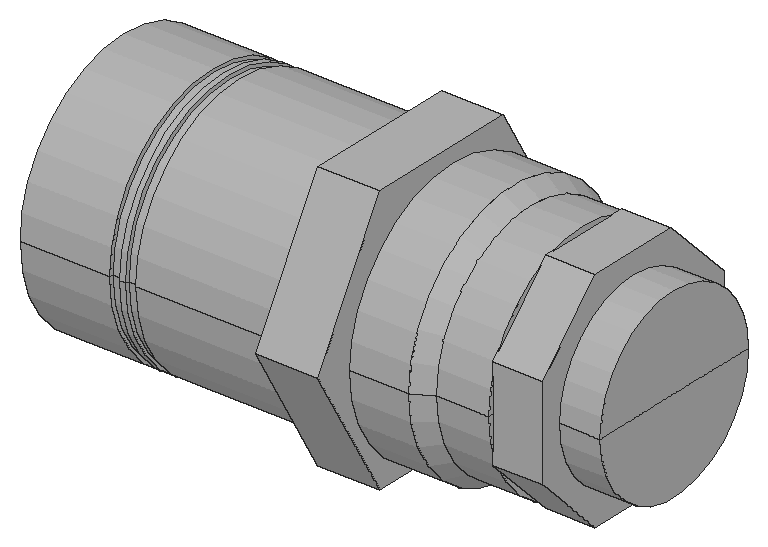
Revit family "777777777777", category Pipe Fittings, Revit 2018
Family settings
  Round Connector Dimension = Use Diameter
  Part Type = Transition
  OmniClass Number = 23.27.43.00
  OmniClass Title = Pipe Fittings
  Work Plane-Based = No
  Always vertical = Yes
  Cut with Voids When Loaded = No
  Shared = No
Parameters (values of type "90621")
  f [instance] = if(Nominal Diameter 01 > Nominal Diameter 02, 21.70 mm, B1 - 21.70 mm - 6.40 mm)  # 21.70 mm
  R3 Distance [instance] = if(Nominal Diameter 01 > Nominal Diameter 02, B1 + ch1, L - B1 - ch1 - e)  # 77.00 mm
  R1 Distance [instance] = if(Nominal Diameter 01 > Nominal Diameter 02, ch1 + B1 + e, b + ch2)  # 80.00 mm
  e [instance] = if(Nominal Diameter 01 > Nominal Diameter 02, size_lookup(Lookup Table Name, "e", 0.00 mm, Nominal Diameter 01, Nominal Diameter 02), size_lookup(Lookup Table Name, "e", 0.00 mm, Nominal Diameter 02, Nominal Diameter 01))  # 3.00 mm
  d [instance] = if(Nominal Diameter 01 > Nominal Diameter 02, 2.70 mm, 0.00 mm)  # 2.70 mm
  ch2 [instance] = if(Nominal Diameter 01 > Nominal Diameter 02, size_lookup(Lookup Table Name, "ch2", 0.00 mm, Nominal Diameter 01, Nominal Diameter 02), size_lookup(Lookup Table Name, "ch2", 0.00 mm, Nominal Diameter 02, Nominal Diameter 01))  # 12.00 mm
  ch1 [instance] = 15.00 mm  # constant formula
  c [instance] = if(Nominal Diameter 01 > Nominal Diameter 02, 0.00 mm, 2.70 mm)  # 0.00 mm
  b [instance] = if(Nominal Diameter 01 > Nominal Diameter 02, size_lookup(Lookup Table Name, "b", 0.00 mm, Nominal Diameter 01, Nominal Diameter 02), size_lookup(Lookup Table Name, "b", 0.00 mm, Nominal Diameter 02, Nominal Diameter 01))  # 10.00 mm
  a [instance] = if(Nominal Diameter 01 > Nominal Diameter 02, CH2 Distance + ch2, 0.00 mm)  # 123.50 mm
  Tick Size 02 [instance] = Nominal Diameter 02 * 0.4  # 16.00 mm
  QR code = "https://www.bimobject.com/aignep/product/reducer-90621"
  Product url = "https://www.aignep.com/eng/Pipe-fittings-INFINITY/Air-Pipeline-INFINITY-Series/REDUCER2"
  Product name = "Reducer - 90621"
  Product group = "Fittings"
  Product family = "INFINITY"
  Product certification = "https://www.aignep.com/eng/Certificazioni/FREE-OF-SILICON"
  Product SKU = "Reducer-90621"
  Product Material = AIGNEP - Aluminium - Grey
  Product Guid = "25342fba-50ca-4aa5-90f2-4c95ab184e15"
  OmniClass Description = "Pipe Fittings"
  OmniClass Code = "23-27 43 00"
  Nominal Diameter 02 [instance] = 40 mm
  Nominal Diameter 01 [instance] = 63 mm
  Material main = "Aluminium"
  Manufacturer name = "Aignep Spa"
  Manufacturer country = "Italy"
  Lr2 [instance] = Lr / 2 - 1.50 mm  # 14.25 mm
  Lr1 [instance] = Lr / 2 - 3.00 mm  # 12.75 mm
  Lr [instance] = L - ch1 - ch2 - b - B1 - e  # 31.50 mm
  R2 Distance [instance] = if(Nominal Diameter 01 > Nominal Diameter 02, 0.00 mm, L - B1)  # 0.00 mm
  L [instance] = if(Nominal Diameter 01 > Nominal Diameter 02, size_lookup(Lookup Table Name, "L", 0.00 mm, Nominal Diameter 01, Nominal Diameter 02), size_lookup(Lookup Table Name, "L", 0.00 mm, Nominal Diameter 02, Nominal Diameter 01))  # 133.50 mm
  IFC Classification = "Pipe Fitting"
  Design country = "Italy"
  Description = "Reducer"
  URL = "https://www.aignep.com/"
  Tick Size 01 [instance] = Nominal Diameter 01 * 0.4  # 25.20 mm
  Product data url = "https://www.bimobject.com/aignep/product/reducer-90621"
  Model = "90621"
  Manufacturer = "Aignep Spa"
  Lookup Table Name = "Reducer - 90621"
  Keynote = "15410"
  Edition number = 1
  D2 [instance] = if(Nominal Diameter 01 > Nominal Diameter 02, size_lookup(Lookup Table Name, "D2", 0.00 mm, Nominal Diameter 01, Nominal Diameter 02), size_lookup(Lookup Table Name, "D2", 0.00 mm, Nominal Diameter 02, Nominal Diameter 01))  # 40.00 mm
  D1 [instance] = if(Nominal Diameter 01 > Nominal Diameter 02, size_lookup(Lookup Table Name, "D1", 0.00 mm, Nominal Diameter 01, Nominal Diameter 02), size_lookup(Lookup Table Name, "D1", 0.00 mm, Nominal Diameter 02, Nominal Diameter 01))  # 63.00 mm
  E [instance] = if(Nominal Diameter 01 > Nominal Diameter 02, size_lookup(Lookup Table Name, "E", 0.00 mm, Nominal Diameter 01, Nominal Diameter 02), size_lookup(Lookup Table Name, "E", 0.00 mm, Nominal Diameter 02, Nominal Diameter 01))  # 63.00 mm
  CH2 Distance [instance] = if(Nominal Diameter 01 > Nominal Diameter 02, L - b - ch2, b)  # 111.50 mm
  CH2 [instance] = if(Nominal Diameter 01 > Nominal Diameter 02, size_lookup(Lookup Table Name, "CH2", 0.00 mm, Nominal Diameter 01, Nominal Diameter 02), size_lookup(Lookup Table Name, "CH2", 0.00 mm, Nominal Diameter 02, Nominal Diameter 01))  # 55.00 mm
  CH1 Distance [instance] = if(Nominal Diameter 01 > Nominal Diameter 02, B1, L - B1 - ch1)  # 62.00 mm
  CH1 [instance] = if(Nominal Diameter 01 > Nominal Diameter 02, size_lookup(Lookup Table Name, "CH1", 0.00 mm, Nominal Diameter 01, Nominal Diameter 02), size_lookup(Lookup Table Name, "CH1", 0.00 mm, Nominal Diameter 02, Nominal Diameter 01))  # 65.00 mm
  BIMobject category = "Joints"
  B2 [instance] = if(Nominal Diameter 01 > Nominal Diameter 02, size_lookup(Lookup Table Name, "B2", 0.00 mm, Nominal Diameter 01, Nominal Diameter 02), size_lookup(Lookup Table Name, "B2", 0.00 mm, Nominal Diameter 02, Nominal Diameter 01))  # 52.00 mm
  B1 [instance] = if(Nominal Diameter 01 > Nominal Diameter 02, size_lookup(Lookup Table Name, "B1", 0.00 mm, Nominal Diameter 01, Nominal Diameter 02), size_lookup(Lookup Table Name, "B1", 0.00 mm, Nominal Diameter 02, Nominal Diameter 01))  # 62.00 mm
  B Right [instance] = if(Nominal Diameter 01 > Nominal Diameter 02, B2, B1)  # 52.00 mm
  B Left [instance] = if(Nominal Diameter 01 > Nominal Diameter 02, B1, B2)  # 62.00 mm
  Assembly Code = "D2040100"
  Article Code [instance] = if(Nominal Diameter 01 > Nominal Diameter 02, size_lookup(Lookup Table Name, "", "", Nominal Diameter 01, Nominal Diameter 02), size_lookup(Lookup Table Name, "", "", Nominal Diameter 02, Nominal Diameter 01))  # "90621 00 009 A"
Reference planes
  plane 1 "Center (Front/Back)": y = 0
  plane 2: z = 0
  plane 3 "Center (Left/Right)": x = 0
  plane 4: y = 31.5
  plane 5: y = -31.5
  plane 6: y = 31.5
  plane 7: y = -31.5
  plane 8: x = 133.5
  plane 9: x = 111.5
  plane 10: x = 123.5
  plane 11: x = 77
  plane 12: x = 62
  plane 13: z = 32.5
  plane 14: z = -32.5
  plane 15: z = 27.5
  plane 16: z = -27.5
  plane 17: y = 20
  plane 18: y = -20
  plane 19: x = 62
  plane 20: x = 81.5
Forms (mm)
  Extrusion 1, solid, material "AIGNEP - Aluminium - Grey" <- "Product Material", detail levels fine
    sketch origin (0, 0, 0) x (0, 1, 0) y (0, 0, 1)
      loop
        line (-11.523, 27.5) -> (-27.5, 11.26) -> (-27.5, -11.26) -> (-11.523, -27.5) -> (11.523, -27.5) -> (27.5, -11.26) -> (27.5, 11.26) -> (11.523, 27.5) -> (-11.523, 27.5)
    from 111.5 to 123.5
  Extrusion 2, solid, material "AIGNEP - Aluminium - Grey" <- "Product Material", detail levels fine
    sketch origin (-32.5, 55.314, 1200) x (0, 1, 0) y (0, 0, 1)
      loop
        line (-74.078, -1167.5) -> (-92.842, -1200) -> (-74.078, -1232.5) -> (-36.55, -1232.5) -> (-17.786, -1200) -> (-36.55, -1167.5) -> (-74.078, -1167.5)
    from 94.5 to 109.5
  Revolve 3, solid, material "AIGNEP - Aluminium - Grey" <- "Product Material", detail levels fine
    sketch origin (0, 0, 0) x (1, 0, 0) y (0, 1, 0)
      loop
        line (133.5, 0) -> (133.5, 22.5) -> (123.5, 22.5) -> (123.5, 0) -> (133.5, 0)
      axis (123.5, 0) -> (133.5, 0)
    angle from 0 to 360
  Revolve 4, solid, material "AIGNEP - Aluminium - Grey" <- "Product Material", detail levels fine
    sketch origin (0, 0, 0) x (1, 0, 0) y (0, 1, 0)
      loop
        line (80, 31.5) -> (80, 0) -> (111.5, 0) -> (111.5, 28.8) -> (98.75, 28.8) -> (94.25, 31.5) -> (80, 31.5)
      axis (111.5, 0) -> (80, 0)
    angle from 0 to 360
  Revolve 5, solid, material "AIGNEP - Aluminium - Grey" <- "Product Material", detail levels fine
    sketch origin (0, 0, 0) x (1, 0, 0) y (0, 1, 0)
      loop
        line (0, 0) -> (62, 0) -> (62, 31.5) -> (28.1, 31.5) -> (28.1, 30.68) -> (25.6, 30.68) -> (25.6, 31.5) -> (24.2, 31.5) -> (24.2, 30.68) -> (21.7, 30.68) -> (21.7, 31.5) -> (0, 31.5) -> (0, 0)
      axis (0, 0) -> (62, 0)
    angle from 0 to 360
  Revolve 6, solid, material "AIGNEP - Aluminium - Grey" <- "Product Material", detail levels fine
    sketch origin (0, 0, 0) x (1, 0, 0) y (0, 1, 0)
      loop
        line (77, 25.347) -> (77, 0) -> (80, 0) -> (80, 25.347) -> (77, 25.347)
      axis (80, 0) -> (77, 0)
    angle from 0 to 360
  Extrusion 7, solid, not visible
    sketch origin (0, 142.01, 0) x (0, 1, 0) y (0, 0, 1)
      loop
        circle (-142.01, 0) r 10
    from 62 to 81.5
Lines and regions (mm)
  model lines, detail levels coarse+medium
    curve 1: line (62, 0, 0) -> (81.5, 0, 0)
  model lines
    curve 2: line (62, 25.2, 0) -> (62, -25.2, 0)
    curve 3: line (81.5, 16, 0) -> (81.5, -16, 0)
Dimensions and locks
  "ch2": plane 9 to plane 10
  "ch1": plane 12 to plane 11
  equal spacing: plane 13, level, plane 14
  "CH1": plane 13 to plane 14
  equal spacing: plane 15, level, plane 16
  "CH2": plane 15 to plane 16
  equal spacing: Extrusion 1 sketch curve, plane 1 "Center (Front/Back)", Extrusion 1 sketch curve  (x3)
  "CH2": Extrusion 1 sketch curve to Extrusion 1 sketch curve  (x3)
  "a": plane 3 "Center (Left/Right)" to Revolve 3 sketch curve
  "d": plane 4 to Revolve 4 sketch curve
  "R1 Distance": plane 3 "Center (Left/Right)" to Revolve 4 sketch curve
  "Lr": Revolve 4 sketch curve to Revolve 4 sketch curve
  "c": plane 4 to Revolve 4 sketch curve
  "b": Revolve 3 sketch curve to Revolve 3 sketch curve
  "Lr1": Revolve 4 sketch curve to Revolve 4 sketch curve
  "Lr2": Revolve 4 sketch curve to Revolve 4 sketch curve
  "L": plane 3 "Center (Left/Right)" to plane 8
  "CH1 Distance": plane 3 "Center (Left/Right)" to plane 12
  "CH2 Distance": plane 3 "Center (Left/Right)" to plane 9
  equal spacing: plane 5, plane 1 "Center (Front/Back)", plane 4
  "E": plane 4 to plane 5
  "D1": plane 6 to plane 7
  equal spacing: plane 7, plane 1 "Center (Front/Back)", plane 6
  equal spacing: plane 18, plane 1 "Center (Front/Back)", plane 17
  "D2": plane 17 to plane 18
  locked: Revolve 3 sketch curve to plane 17 at 2.5
  Revolve 5 sketch curve to Revolve 5 sketch curve to Revolve 5 sketch curve to Revolve 5 sketch curve = 2.50 mm locked, 1.40 mm locked, 2.50 mm locked
  "B1": Revolve 5 sketch curve to Revolve 5 sketch curve
  Revolve 5 sketch curve to Revolve 5 sketch curve to Revolve 5 sketch curve = 0.00 mm locked, 0.82 mm locked
  "R2 Distance": plane 3 "Center (Left/Right)" to Revolve 5 sketch curve
  "f": Revolve 5 sketch curve to Revolve 5 sketch curve
  "e": Revolve 6 sketch curve to Revolve 6 sketch curve
  locked: Revolve 6 sketch curve to plane 17 at 5.347
  "R3 Distance": plane 3 "Center (Left/Right)" to Revolve 6 sketch curve
  equal spacing: Extrusion 2 sketch curve, plane 1 "Center (Front/Back)", Extrusion 2 sketch curve  (x2)
  "CH1": Extrusion 2 sketch curve to Extrusion 2 sketch curve  (x2)
  "B Left": plane 3 "Center (Left/Right)" to plane 19
  "B Right": plane 20 to plane 8
  equal spacing: curve 2, plane 1 "Center (Front/Back)", curve 2
  "Tick Size 01": plane 1 "Center (Front/Back)" to curve 2
  equal spacing: curve 3, plane 1 "Center (Front/Back)", curve 3
  "Tick Size 02": plane 1 "Center (Front/Back)" to curve 3
  locked: plane 2 to Extrusion 1 sketch curve (angle 45.4674°)
  locked: Extrusion 1 sketch curve to plane 2 (angle 45.4674°)
  locked: plane 2 to Extrusion 1 sketch curve (angle 90.00°)
  locked: Extrusion 2 sketch curve to plane 2 (angle 60.00°)
  locked: plane 2 to Extrusion 2 sketch curve (angle 60.00°)
  aligned and locked: level to plane 2
  aligned and locked: Extrusion 1 sketch curve to plane 15
  aligned and locked: plane 16 to Extrusion 1 sketch curve
  aligned and locked: Extrusion 1 to plane 9
  aligned and locked: plane 10 to Extrusion 1
  aligned and locked: Extrusion 2 to plane 11
  aligned and locked: Extrusion 2 to plane 12
  aligned and locked: Revolve 5 sketch curve to plane 6  (x3)
  aligned and locked: Revolve 6 sketch curve to plane 1 "Center (Front/Back)"
  aligned and locked: plane 13 to Extrusion 2 sketch curve
  aligned and locked: Extrusion 2 sketch curve to plane 14
  aligned and locked: Revolve 4 sketch curve to plane 1 "Center (Front/Back)"  (x2)
  aligned and locked: plane 1 "Center (Front/Back)" to Revolve 3 sketch curve
  aligned and locked: plane 1 "Center (Front/Back)" to Revolve 5 sketch curve  (x2)
  aligned and locked: plane 1 "Center (Front/Back)" to Revolve 6 sketch curve
  aligned and locked: plane 19 to Extrusion 7
  aligned and locked: Extrusion 7 to plane 20
  aligned and locked: plane 1 "Center (Front/Back)" to Extrusion 7 sketch curve
  aligned and locked: plane 2 to Extrusion 7 sketch curve
  aligned and locked: curve 1 to plane 19
  aligned and locked: curve 1 to plane 20
  aligned and locked: plane 1 "Center (Front/Back)" to curve 1
  aligned and locked: plane 20 to curve 3
  aligned and locked: plane 19 to curve 2
Automatic sketch dimensions
  plane 1 "Center (Front/Back)" to Revolve 3 sketch curve = 0.00 mm
  plane 8 to Revolve 3 sketch curve = 0.718 mm
  Revolve 3 sketch curve to Revolve 3 sketch curve = 2.00 mm
  Revolve 4 sketch curve to plane 8 = 0.00 mm
  Revolve 4 sketch curve to plane 3 "Center (Left/Right)" = 0.153 mm
  Revolve 5 sketch curve to plane 3 "Center (Left/Right)" = 0.00 mm
  plane 9 to Revolve 5 sketch curve = 2.153 mm
  Revolve 6 sketch curve to plane 11 = 0.00 mm
  plane 12 to Revolve 6 sketch curve = 5.00 mm
  radius of Extrusion 7 sketch curve = 10.00 mm
Connectors
  piping at (62, 0, 0), diameter 63, driven by "Nominal Diameter 01"
    settings: on Extrusion 7, index 1, connector inside diameter 609.6 mm, connector length 0.00 mm, flow factor 0, pipe flow 0.0 L/s, pressure drop 0.0 Pa, fitting loss kfactor 0, connector angle 0.00°, fixture units 0, engagement length 0.00 mm, angle of deflection 0.00°, flow configuration 0, flow direction 0, fitting loss method 0, system type 28, joint type 0, gender type 0, connector reference index 2, connector utility 0, adjustable connector no, is connector primary yes, connector description ""
  piping at (81.5, 0, 0), diameter 40, driven by "Nominal Diameter 02"
    settings: on Extrusion 7, index 2, connector inside diameter 609.6 mm, connector length 0.00 mm, flow factor 0, pipe flow 0.0 L/s, pressure drop 0.0 Pa, fitting loss kfactor 0, connector angle 0.00°, fixture units 0, engagement length 0.00 mm, angle of deflection 0.00°, flow configuration 0, flow direction 0, fitting loss method 0, system type 28, joint type 0, gender type 0, connector reference index 1, connector utility 0, adjustable connector no, is connector primary no, connector description ""
